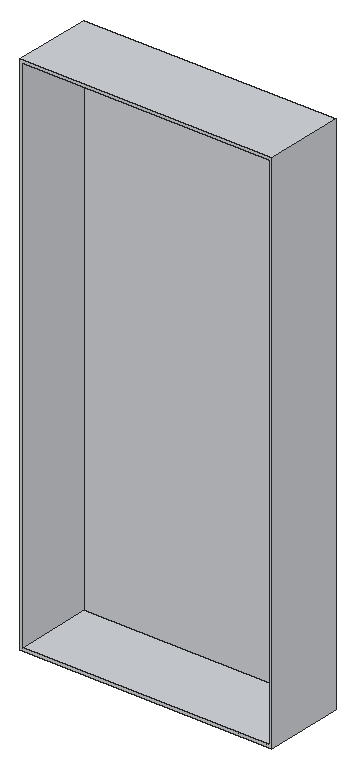
Revit family "Hager-Volta-IP30-Surface_mounted-vide-NoHosted-CH-fr", category Electrical Equipment, Revit 2020
Family settings
  Panel Configuration = Two Columns, Circuits Across
  Round Connector Dimension = Use Diameter
  Part Type = Panelboard
  Work Plane-Based = Yes
  Always vertical = Yes
  Cut with Voids When Loaded = No
  Shared = No
  Room Calculation Point = No
Parameters (values of type "Saillie IP30 L305 H640 P96.5 12 Modules - VA48MD")
  Width Control [instance] = if([HG000006 - Encastré], if([EF000846 - largeur d'encastrement] > min_whd, [EF000846 - largeur d'encastrement], min_whd), if([EF000008 - largeur] > min_whd, ([EF000008 - largeur]), min_whd))  # 305 mm
  Void Depth [instance] = if([EF000218 - profondeur d'encastrement] > 1 mm, [EF000218 - profondeur d'encastrement], 1 mm)  # 1 mm
  Type Comments = [HG000003 - Gamme]  # "Volta"
  System Height [instance] = Height Control - 2 * [HG000005 - Epaisseur]  # 634 mm
  Panel Name [instance] = ""  # (empty or 0)
  Offset [instance] = 0 mm
  Model = [HG000004 - Référence fabricant]  # "VA48MD"
  Level Offset [instance] = [Flush Mounted - Door Frame Width] + Offset  # 0 mm
  HG000017 - Distance entre pôles = 18 mm
  HG000016 - Visibilité de la porte 3D [instance] = yes
  HG000015 - Visibilité de l'emprise de la porte [instance] = no
  HG000014 - Porte à droite [instance] = yes
  HG000013 - Porte à gauche [instance] = not([HG000014 - Porte à droite])  # no
  HG000012 - Angle de pivotement de la porte [instance] = 45.00°
  HG000011 - Rangées du bas vides = no
  HG000010 - Portes asymétriques = no
  HG000009 - Porte à double battant = no
  HG000008 - Nombre de rangées vides = 0
  HG000007 - Nombre de colonnes vides = 0
  HG000006 - Encastré = no
  HG000005 - Epaisseur = 3 mm  # constant formula
  HG000004 - Référence fabricant = "VA48MD"
  HG000003 - Gamme = "Volta"
  HG000002 - avec porte = no
  HG000001 - nombre de colonnes = 0
  EF015941 - porte pour transmission du signal = no
  EF015777 - borne à conducteur neutre = no
  EF015776 - borne de mise à la terre = no
  EF009212 - finition du couvercle = "EV009916 - avec échancrure"
  EF006306 - avec serrure = no
  EF006244 - couvercle/porte transparent(e) = no
  EF005474 - indice de protection (IP) = "EV006410 - IP30"
  EF004462 - type de fermeture = ""
  EF002950 - largeur en nombre de modules = 12
  EF001596 - matériau du boîtier/corps = ""
  EF001134 - rail DIN = no
  EF001131 - profondeur intérieure = 0 mm
  EF001088 - possibilité de montage en saillie = yes
  EF001062 - finition CEM = no
  EF000846 - largeur d'encastrement = 0 mm
  EF000339 - type de capot = "EV000494 - sans"
  EF000332 - hauteur d'encastrement = 0 mm
  EF000266 - nombre de rangées = 0
  EF000218 - profondeur d'encastrement = 0 mm
  EF000118 - avec cadre/support de montage = yes
  EF000116 - numéro RAL = "9010"
  EF000049 - profondeur = 96 mm
  EF000040 - hauteur = 640 mm
  EF000008 - largeur = 305 mm
  EF000007 - couleur = ""
  EF000003 - mode de pose = "EV000384 - saillie"
  Description = ""
  Default Elevation = 1219.2 mm
  Arrow Offset [instance] = Depth Control / 8  # 12 mm
  Arrow Height [instance] = Depth Control - Arrow Offset  # 84 mm
  Host Offset [instance] = if([HG000006 - Encastré], 0 mm, [EF000049 - profondeur])  # 96 mm
  min_whd [instance] = (2 * [HG000005 - Epaisseur]) + 1 mm  # 7 mm
  Manufacturer = "Hager"  # constant formula
  Height Control [instance] = if([HG000006 - Encastré], if([EF000332 - hauteur d'encastrement] > min_whd, [EF000332 - hauteur d'encastrement], min_whd), if([EF000040 - hauteur] > min_whd, ([EF000040 - hauteur]), min_whd))  # 640 mm
  Flush Mounted - Door Frame Width [instance] = if(([EF000040 - hauteur] - [EF000332 - hauteur d'encastrement]) > 0 mm, if([HG000006 - Encastré], [EF000040 - hauteur] - [EF000332 - hauteur d'encastrement], 0 mm), 0 mm)  # 0 mm
  Depth Control [instance] = if([HG000006 - Encastré], if([EF000218 - profondeur d'encastrement] > 0 mm, [EF000218 - profondeur d'encastrement], 1 mm), if([EF000049 - profondeur] > 0 mm, ([EF000049 - profondeur]), 1 mm))  # 96 mm
Reference planes
  plane 1 "Center (Front/Back)": y = 0
  plane 2: z = 0
  plane 3 "Center (Left/Right)": x = 0
  plane 4: y = 3
  plane 5: y = 0
  plane 6: y = 0
  plane 7: z = 0
  plane 8: x = -152.5
  plane 9: x = 152.5
  plane 10: x = 149.5
  plane 11: x = -149.5
  plane 12: z = 0
  plane 13: z = 3
  plane 14: y = -91
  plane 15: y = -96
  plane 16: y = -3
  plane 17: z = 637
  plane 18: z = 640
  plane 19: z = 320
  plane 20: x = 0
  plane 21: y = -100
Forms (mm)
  Extrusion 1, solid
    sketch origin (-208.679, -4572, 0) x (-1, 0, 0) y (0, -1, 0)
      loop
        line (-56.179, -4476) -> (-361.179, -4476) -> (-361.179, -4572) -> (-56.179, -4572) -> (-56.179, -4476)
    from 0 to 640 <- "Height Control"
  Extrusion 2, void
    sketch origin (-350.771, -96, 1219.2) x (1, 0, 0) y (0, 0, 1)
      loop
        line (201.271, -582.2) -> (201.271, -1216.2) -> (500.271, -1216.2) -> (500.271, -582.2) -> (201.271, -582.2)
    from 0 to -93
  Extrusion 3, solid, detail levels coarse+medium
    sketch origin (-350.771, -96, 1219.2) x (-1, 0, 0) y (0, 0, 1)
      loop
        line (-201.271, -582.2) -> (-500.271, -582.2) -> (-500.271, -1216.2) -> (-201.271, -1216.2) -> (-201.271, -582.2)
    from 0 to 3 <- "HG000005 - Epaisseur"
Cuts and joins
  Extrusion 2 cuts Extrusion 1
Dimensions and locks
  "Flush Mounted - Door Frame Width": plane 1 "Center (Front/Back)" to plane 6
  "HG000005 - Epaisseur": plane 4 to plane 6
  "HG000005 - Epaisseur": plane 8 to plane 11
  "HG000005 - Epaisseur": plane 9 to plane 10
  equal spacing: plane 8, plane 3 "Center (Left/Right)", plane 9
  "Width Control": plane 8 to plane 9
  locked: plane 14 to plane 15 at 5
  "Host Offset": plane 1 "Center (Front/Back)" to plane 15
  "Depth Control": plane 5 to plane 15
  "HG000005 - Epaisseur": plane 5 to plane 16
  "HG000005 - Epaisseur": plane 13 to plane 12
  "Level Offset": plane 12 to level
  "HG000005 - Epaisseur": plane 18 to plane 17
  "Height Control": plane 18 to plane 12
  "Arrow Offset": plane 5 to nested 4
  equal spacing: plane 18, plane 19, plane 12
  locked: connector elem to plane 19
  locked: connector elem to plane 3 "Center (Left/Right)"
  aligned and locked: nested 1 to plane 14
  aligned and locked: plane 3 "Center (Left/Right)" to nested 1
  aligned and locked: plane 3 "Center (Left/Right)" to nested 2
  aligned and locked: nested 2 to plane 15
  aligned and locked: plane 5 to Extrusion 1
  aligned and locked: Extrusion 3 sketch curve to plane 17
  aligned and locked: Extrusion 3 sketch curve to plane 11
  aligned and locked: plane 13 to Extrusion 3 sketch curve
  aligned and locked: Extrusion 3 sketch curve to plane 10
  aligned and locked: plane 13 to Extrusion 2 sketch curve
  aligned and locked: Extrusion 2 sketch curve to plane 10
  aligned and locked: Extrusion 2 sketch curve to plane 17
  aligned and locked: Extrusion 2 sketch curve to plane 11
  aligned and locked: plane 16 to Extrusion 2
  aligned and locked: plane 5 to Extrusion 1 sketch curve
  aligned and locked: plane 9 to Extrusion 1 sketch curve
  aligned and locked: plane 8 to Extrusion 1 sketch curve
  aligned and locked: plane 8 to nested 4
  aligned and locked: plane 8 to nested 3
  aligned and locked: nested 3 to plane 5
  aligned and locked: Extrusion 1 sketch curve to plane 15
  aligned and locked: Extrusion 2 to plane 15
Nested families
  nested 1: "Hager_Enclosure_System" at (0, -91, 3), Flush_Mounted <- "HG000006 - Encastré", Width <- "EF000008 - largeur", Height <- "System Height", Width_Control <- "Width Control", Row_Module_Multiplicator <- "EF002950 - largeur en nombre de modules", Empty_Columns <- "HG000007 - Nombre de colonnes vides", Built-in_Width <- "EF000846 - largeur d'encastrement", Border <- "HG000005 - Epaisseur", Total_No_Empty_Rows <- "HG000008 - Nombre de rangées vides", Depth <- "HG000005 - Epaisseur", Empty_Rows_From_Bottom <- "HG000011 - Rangées du bas vides", Distance_Between_Poles <- "HG000017 - Distance entre pôles", Rows_Count <- "EF000266 - nombre de rangées", Columns_Count <- "HG000001 - nombre de colonnes", type "Hager_Enclosure_System", detail levels medium+fine
    with Width_Control 305 mm, Width 305 mm, Total_No_Rows 0, Total_No_Empty_Rows 0, Total_No_Columns 1, System_Width 299 mm, Rows_Count 0, Rows_Column 0, Row_Module_Multiplicator 12, Panel_4 no, Panel_3 no, Panel_2 no, Panel_1 no, No_Panels_Ctrl 1, Hide_Columns yes, Height 634 mm, Flush_Mounted no, Empty_Rows_From_Bottom no, Empty_Rows_Column 0, Empty_Columns 0, Distance_Between_Poles 18 mm, Depth 3 mm, Columns_Count 0, Column_Width 299 mm, Built-in_Width 0 mm, Border 3 mm
  nested 2: "Hager_Enclosure_Door" at (0, -96, 0), Double <- "HG000009 - Porte à double battant", Height_Ctrl <- "Height Control", Transparent <- "EF006244 - couvercle/porte transparent(e)", Depth <- "EF000049 - profondeur", Height <- "EF000040 - hauteur", Angle <- "HG000012 - Angle de pivotement de la porte", Door_Right <- "HG000014 - Porte à droite", Assymetrical <- "HG000010 - Portes asymétriques", Flush_Mounted <- "HG000006 - Encastré", BuiltIn_Depth <- "EF000218 - profondeur d'encastrement", BuiltIn_Width <- "EF000846 - largeur d'encastrement", Door <- "HG000002 - avec porte", Width_Ctrl <- "Width Control", 3d_Door <- "HG000016 - Visibilité de la porte 3D", Width <- "EF000008 - largeur", Border <- "HG000005 - Epaisseur", BuiltIn_Height <- "EF000332 - hauteur d'encastrement", Clearance <- "HG000015 - Visibilité de l'emprise de la porte", Door_Left <- "HG000013 - Porte à gauche", type "Hager_Enclosure_Door", detail levels medium+fine
    with min_wh 7 mm, Width_Ctrl 305 mm, Width 305 mm, Transparent_Door_No_Bottom_Border no, Transparent no, Leaf_Width 296 mm, Leaf_Tolerance 1.5 mm, Leaf_Height 631 mm, Leaf_2_Width 296 mm, Leaf_2_Offset 148 mm, Leaf_1_Width 296 mm, Leaf_1_Offset 148 mm, Height_Ctrl 640 mm, Height 640 mm, Frame_Width_Ctrl 305 mm, Frame_Width 305 mm, Frame_Internal_Offset 0 mm, Frame_Height_Ctrl 640 mm, Frame_Height 640 mm, Frame_Depth_Ctrl 1 mm, Frame_Depth 0 mm, Flush_Mounted no, Double_Clearance_Ctrl no, Double no, Door_Right_Ctrl no, Door_Right yes, Door_Left_Ctrl no, Door_Left no, Door no, Depth 96 mm, Clearance_Depth 296 mm, Clearance_Ctrl no, Clearance no, BuiltIn_Width 0 mm, BuiltIn_Height 0 mm, BuiltIn_Depth 0 mm, Border 3 mm, Assymetrical no, Angle 45.00°, 3d_Door yes
  nested 3: "Hager_Enclosure_Symbol_Triangle" at (-152.5, 0, 0), Depth <- "Depth Control", Width <- "Width Control", type "Hager_Enclosure_Symbol_Triangle"
    with Width_Ctrl 305 mm, Width 305 mm, Depth_Ctrl 96 mm, Depth 96 mm
  nested 4: "Hager_Enclosure_Symbol_Arrow" at (-152.5, -12, 0), Height <- "Arrow Height", type "Hager_Enclosure_Symbol_Arrow"
    with Width_Inside 6.3 mm, Width 75.6 mm, Height_Ctrl 84 mm, Height 84 mm
Connectors
  electrical at (0, 0, 320)
    settings: on plane 5, index 1, voltage 0 V, apparent load 0 VA, apparent load phase1 0 VA, apparent load phase2 0 VA, apparent load phase3 0 VA, power factor 1, load classification "Other", number of poles 1, system type 30, power factor state 1, is connector primary yes, connector utility no, sub classification motor no, connector description ""
Definition of nested family "Hager_Enclosure_Door"
  Parameters (values of type "Hager_Enclosure_Door")
    min_wh [instance] = (2 * Border) + 1 mm  # 11 mm
    Width_Ctrl [instance] = 400 mm
    Width [instance] = 500 mm
    Transparent_Door_No_Bottom_Border [instance] = no
    Transparent [instance] = yes
    Leaf_Width [instance] = if((Width_Ctrl - 2 * Border - 2 * Leaf_Tolerance) > 0 mm, (Width_Ctrl - 2 * Border - 2 * Leaf_Tolerance), min_wh)  # 387 mm
    Leaf_Tolerance [instance] = 1.5 mm  # constant formula
    Leaf_Height [instance] = if((Height_Ctrl - 2 * Border - 2 * Leaf_Tolerance) > 0 mm, (Height_Ctrl - 2 * Border - 2 * Leaf_Tolerance), min_wh)  # 387 mm
    Leaf_2_Width [instance] = if(and(and(Double, Assymetrical), Door_Left), (Leaf_Width / 3) - (Leaf_Tolerance / 2), if(and(and(Double, Assymetrical), Door_Right), (Leaf_Width / 3) * 2 - (Leaf_Tolerance / 2), if(and(Double, not(Assymetrical)), (Leaf_Width / 2) - Leaf_Tolerance, Leaf_Width)))  # 387 mm
    Leaf_2_Offset [instance] = if(and(Double, Assymetrical), Leaf_2_Width / 2, if(and(Double, not(Assymetrical)), Leaf_Width / 4, Leaf_Width / 2))  # 193.5 mm
    Leaf_1_Width [instance] = if(and(and(Double, Assymetrical), Door_Right), (Leaf_Width / 3) - (Leaf_Tolerance / 2), if(and(and(Double, Assymetrical), Door_Left), (Width / 3) * 2 - (Leaf_Tolerance / 2), if(and(Double, not(Assymetrical)), (Leaf_Width / 2) - Leaf_Tolerance, Leaf_Width)))  # 387 mm
    Leaf_1_Offset [instance] = if(and(Double, Assymetrical), Leaf_1_Width / 2, if(and(Double, not(Assymetrical)), Leaf_Width / 4, Leaf_Width / 2))  # 193.5 mm
    Height_Ctrl [instance] = 400 mm
    Height [instance] = 500 mm
    Frame_Width_Ctrl [instance] = if(Frame_Width > 0 mm, Frame_Width, 1 mm)  # 1 mm
    Frame_Width [instance] = Width - BuiltIn_Width  # 0 mm
    Frame_Internal_Offset [instance] = if(Flush_Mounted, Border, 0 mm)  # 5 mm
    Frame_Height_Ctrl [instance] = if(Frame_Height > 0 mm, Frame_Height, 1 mm)  # 1 mm
    Frame_Height [instance] = Height - BuiltIn_Height  # 0 mm
    Frame_Depth_Ctrl [instance] = if(Frame_Depth > 0 mm, Frame_Depth, 1 mm)  # 1 mm
    Frame_Depth [instance] = if(Depth - BuiltIn_Depth > 0 mm, if(Flush_Mounted, Depth - BuiltIn_Depth, 0 mm), 0 mm)  # 0 mm
    Flush_Mounted [instance] = yes
    Double_Clearance_Ctrl [instance] = and(Double, Clearance)  # no
    Double [instance] = no
    Door_Right_Ctrl [instance] = and(or(Door_Right, Double), Door)  # yes
    Door_Right [instance] = yes
    Door_Left_Ctrl [instance] = and(or(Door_Left, Double), Door)  # no
    Door_Left [instance] = no
    Door [instance] = yes
    Depth [instance] = 500 mm
    Default Elevation = 1219.2 mm
    Clearance_Material = none
    Clearance_Depth [instance] = if(Leaf_1_Width > Leaf_2_Width, Leaf_1_Width, Leaf_2_Width)  # 387 mm
    Clearance_Ctrl [instance] = and(not(Double), Clearance)  # yes
    Clearance [instance] = yes
    BuiltIn_Width [instance] = 500 mm
    BuiltIn_Height [instance] = 500 mm
    BuiltIn_Depth [instance] = 500 mm
    Border [instance] = 5 mm
    Assymetrical [instance] = yes
    Angle [instance] = 30.00°
    3d_Door [instance] = yes
  Reference planes
    plane 1 "Center (Front/Back)": y = 0
    plane 2 "Bottom": z = 0
    plane 3 "Center (Left/Right)": x = 0
    plane 4: z = 400
    plane 5: x = -200
    plane 6: x = 200
    plane 7: z = 395
    plane 8: x = -195
    plane 9: z = 5
    plane 10: x = 195
    plane 11: y = 0
    plane 12: z = 6.5
    plane 13: x = -582
    plane 14: y = -387
    plane 15: x = 582
    plane 16: x = 0
    plane 17: x = 0
    plane 18: x = -193.5
    plane 19: x = 193.5
    plane 20: z = 393.5
  Forms (mm)
    Extrusion 1, solid, visible <- "Flush_Mounted"
      sketch origin (0, 0, 0) x (1, 0, 0) y (0, 0, 1)
        loop
          line (195, 5) -> (195, 395) -> (-195, 395) -> (-195, 5) -> (195, 5)
        loop
          line (-201, 401) -> (-201, -1) -> (201, -1) -> (201, 401) -> (-201, 401)
      from 0 to 1 <- "Frame_Depth_Ctrl"
    Extrusion 2, solid, material <- "Clearance_Material", visible <- "Double_Clearance_Ctrl"
      sketch origin (1200, 0, 0) x (1, 0, 0) y (0, 0, -1)
        loop
          line (-1782, -393.5) -> (-618, -393.5) -> (-618, 0) -> (-1782, 0) -> (-1782, -393.5)
      from 0 to -387
  Dimensions and locks
    equal spacing: plane 5, plane 3 "Center (Left/Right)", plane 6
    "Width_Ctrl": plane 5 to plane 6
    "Border": plane 5 to plane 8
    "Border": plane 6 to plane 10
    "Border": plane 9 to level
    "Border": plane 4 to plane 7
    "Height_Ctrl": plane 4 to level
    "Leaf_Tolerance": plane 12 to plane 9
    "Frame_Depth": plane 11 to plane 1 "Center (Front/Back)"
    "Frame_Width_Ctrl": plane 5 to Extrusion 1 sketch curve
    "Frame_Width_Ctrl": plane 6 to Extrusion 1 sketch curve
    "Frame_Width_Ctrl": Extrusion 1 sketch curve to plane 4
    "Frame_Width_Ctrl": plane 2 "Bottom" to Extrusion 1 sketch curve
    "Leaf_1_Offset": plane 18 to plane 16
    "Leaf_2_Offset": plane 17 to plane 19
    "Leaf_1_Width": plane 13 to plane 8
    "Leaf_2_Width": plane 10 to plane 15
    "Clearance_Depth": plane 14 to plane 1 "Center (Front/Back)"
    "Leaf_Tolerance": plane 8 to plane 18
    "Leaf_Tolerance": plane 19 to plane 10
    "Leaf_Tolerance": plane 7 to plane 20
    "Frame_Internal_Offset": plane 5 to Extrusion 1 sketch curve
    "Frame_Internal_Offset": Extrusion 1 sketch curve to plane 2 "Bottom"
    "Frame_Internal_Offset": plane 6 to Extrusion 1 sketch curve
    "Frame_Internal_Offset": plane 4 to Extrusion 1 sketch curve
    aligned and locked: level to plane 2 "Bottom"
    aligned and locked: nested 1 to plane 16
    aligned and locked: nested 2 to plane 17
    aligned and locked: Extrusion 2 to plane 13
    aligned and locked: plane 15 to Extrusion 2
    aligned and locked: Extrusion 2 to plane 14
    aligned and locked: plane 12 to nested 1
    aligned and locked: nested 2 to plane 12
    aligned and locked: Extrusion 2 to plane 11
    aligned and locked: plane 20 to Extrusion 2
    aligned and locked: nested 2 to plane 11
    aligned and locked: nested 1 to plane 11
  Automatic sketch dimensions
    Extrusion 2 sketch curve to level = 0 mm
    plane 5 to Extrusion 2 sketch curve = 382 mm
    plane 6 to Extrusion 2 sketch curve = 382 mm
    Extrusion 2 sketch curve to plane 4 = 6.5 mm
  Nested families
    nested 1: "Hager_Enclosure_Door_Leaf" at (0, 0, 6.5), Width <- "Leaf_1_Width", visible <- "Door_Left_Ctrl", Leaf_Height <- "Leaf_Height", Angle <- "Angle", Depth <- "Border", 3d_Door <- "3d_Door", Transparent <- "Transparent", Clearance Material <- "Clearance_Material", Clearance <- "Clearance_Ctrl", Transparent_Door_No_Bottom_Border <- "Transparent_Door_No_Bottom_Border", type "Hager_Enclosure_Door_Leaf"
      with Width 387 mm, Transparent_Door_No_Bottom_Border no, Transparent_Door_Border_Bottom_Top 25 mm, Transparent_Door_Border 25 mm, Transparent_Ctrl yes, Transparent yes, Standard no, Leaf_Height 387 mm, Glass_Offset 1 mm, Depth 5 mm, Clearance Material none, Clearance yes, Angle_Ctrl 30.00°, Angle 30.00°, 3d_Door yes
    nested 2: "Hager_Enclosure_Door_Leaf" at (0, 0, 6.5) x (-1, 0, 0) z (0, 0, 1), Width <- "Leaf_2_Width", visible <- "Door_Right_Ctrl", Leaf_Height <- "Leaf_Height", Angle <- "Angle", Depth <- "Border", 3d_Door <- "3d_Door", Transparent <- "Transparent", Clearance Material <- "Clearance_Material", Clearance <- "Clearance_Ctrl", Transparent_Door_No_Bottom_Border <- "Transparent_Door_No_Bottom_Border", type "Hager_Enclosure_Door_Leaf"
      with Width 387 mm, Transparent_Door_No_Bottom_Border no, Transparent_Door_Border_Bottom_Top 25 mm, Transparent_Door_Border 25 mm, Transparent_Ctrl yes, Transparent yes, Standard no, Leaf_Height 387 mm, Glass_Offset 1 mm, Depth 5 mm, Clearance Material none, Clearance yes, Angle_Ctrl 30.00°, Angle 30.00°, 3d_Door yes
  Definition of nested family "Hager_Enclosure_Door_Leaf"
    Parameters (values of type "Hager_Enclosure_Door_Leaf")
      Width [instance] = 2000 mm
      Transparent_Door_No_Bottom_Border [instance] = yes
      Transparent_Door_Border_Bottom_Top [instance] = if(Transparent_Door_No_Bottom_Border, 0.1 mm, Transparent_Door_Border)  # 0.1 mm
      Transparent_Door_Border [instance] = if(Transparent_Door_No_Bottom_Border, (Width * 0.12), 25 mm)  # 240 mm
      Transparent_Ctrl [instance] = and(Transparent, [3d_Door])  # yes
      Transparent [instance] = yes
      Standard [instance] = and(not(Transparent), [3d_Door])  # no
      Leaf_Height [instance] = 2720.336 mm
      Glass_Offset [instance] = if((Depth - 10 mm) / 2 > 0 mm, (Depth - 10 mm) / 2, 1 mm)  # 15 mm
      Glass_Material = none
      Depth [instance] = 40 mm
      Default Elevation = 0 mm
      Clearance Material [instance] = none
      Clearance [instance] = yes
      Angle_Ctrl [instance] = if(Angle > 170.00°, 170.00°, Angle)  # 45.00°
      Angle [instance] = 45.00°
      3d_Door [instance] = yes
    Reference planes
      plane 1 "Center (Front/Back)": y = 0
      plane 2: z = 0
      plane 3 "Center (Left/Right)": x = 0
      plane 4: y = 2000
      plane 5: x = -1000
      plane 6: x = 1000
      plane 7: x = -3000
      plane 8: z = 2720.336
      plane 9: z = 0.1
      plane 10: z = 2720.236
      plane 11: x = 760
      plane 12: x = -760
    Forms (mm)
      Extrusion 1, solid, material <- "Clearance Material", visible <- "Clearance"
        sketch origin (0, 0, 0) x (1, 0, 0) y (0, 0, 1)
          loop
            line (-3000, 2720.336) -> (-3000, 0) -> (1000, 0) -> (1000, 2720.336) -> (-3000, 2720.336)
        from 0 to -2000
      Extrusion 2, solid, visible <- "Standard", detail levels medium+fine
        sketch origin (-1000, 0, 0) x (0.707107, 0.707107, 0) y (-0.707107, 0.707107, 0)
          loop
            line (0, -40) -> (2000, -40) -> (2000, 0) -> (0, 0) -> (0, -40)
        from 0 to 2720.336 <- "Leaf_Height"
      Extrusion 3, solid, visible <- "Transparent_Ctrl", detail levels medium+fine
        sketch origin (-1000, 0, 0) x (0.707107, 0.707107, 0) y (-0.707107, 0.707107, 0)
          loop
            line (0, -40) -> (2000, -40) -> (2000, 0) -> (0, 0) -> (0, -40)
        from 0 to 2720.336 <- "Leaf_Height"
      Extrusion 4, void, detail levels medium+fine
        sketch origin (-1000, 0, 0) x (-0.707107, 0.707107, 0) y (0.707107, 0.707107, 0)
          loop
            line (0, 240) -> (0, 1760) -> (-40, 1760) -> (-40, 240) -> (0, 240)
        from -2720.236 to -0.1
      Extrusion 5, solid, material <- "Glass_Material", visible <- "Transparent_Ctrl", detail levels medium+fine
        sketch origin (-1000, 0, 0) x (0.707107, 0.707107, 0) y (-0.707107, 0.707107, 0)
          loop
            line (240, -15) -> (240, -25) -> (1760, -25) -> (1760, -15) -> (240, -15)
        from 0.1 to 2720.236
    Cuts and joins
      Extrusion 4 cuts Extrusion 3
    Lines and regions (mm)
      symbolic lines
        curve 1: line (1000, 0, 0) -> (-3000, 0, 0)
        curve 2: arc (1000, 0, 0) -> (-1000, 2000, 0) -> (-3000, 0, 0) r 2000
        curve 4: line (-1000, 0, 0) -> (414.214, 1414.214, 0)
      reference lines
        curve 3: line (-1000, 0, 0) -> (414.214, 1414.214, 0)
      symbolic lines, detail levels medium+fine
        curve 5: line (414.214, 1414.214, 0) -> (442.498, 1385.929, 0)
        curve 6: line (442.498, 1385.929, 0) -> (-971.716, -28.284, 0)
        curve 7: line (-971.716, -28.284, 0) -> (-1000, 0, 0)
        curve 8: line (-1000, 0, 2720.336) -> (1000, 0, 2720.336)
        curve 9: line (-1000, 0, 0) -> (-1000, 0, 2720.336)
        curve 10: line (1000, 0, 0) -> (-1000, 0, 0)
        curve 11: line (1000, 0, 2720.336) -> (1000, 0, 0)
      symbolic lines, visible <- "Transparent_Ctrl", detail levels medium+fine
        curve 12: line (-760, 0, 2720.236) -> (760, 0, 2720.236)
        curve 13: line (-760, 0, 0.1) -> (-760, 0, 2720.236)
        curve 14: line (760, 0, 0.1) -> (-760, 0, 0.1)
        curve 15: line (760, 0, 2720.236) -> (760, 0, 0.1)
    Dimensions and locks
      "Width": plane 1 "Center (Front/Back)" to plane 4
      equal spacing: plane 5, plane 3 "Center (Left/Right)", plane 6
      "Width": plane 5 to plane 6
      "Width": plane 7 to plane 5
      "Leaf_Height": plane 8 to level
      "Depth": curve 6 to curve 3
      "Width": curve 5 to curve 3
      "Width": curve 3 to curve 3
      "Transparent_Door_Border": Extrusion 4 sketch curve to curve 7
      "Transparent_Door_Border": Extrusion 4 sketch curve to curve 5
      "Transparent_Door_Border_Bottom_Top": plane 8 to plane 10
      "Transparent_Door_Border_Bottom_Top": plane 9 to level
      "Glass_Offset": Extrusion 5 sketch curve to curve 4
      "Glass_Offset": Extrusion 5 sketch curve to curve 6
      "Transparent_Door_Border": Extrusion 5 sketch curve to curve 5
      "Transparent_Door_Border": Extrusion 5 sketch curve to curve 7
      "Transparent_Door_Border": plane 12 to plane 5
      "Transparent_Door_Border": plane 6 to plane 11
      "Angle_Ctrl": angle plane 1 "Center (Front/Back)" to curve 3
      aligned and locked: level to plane 2
      aligned and locked: Extrusion 1 to curve 1
      aligned and locked: plane 6 to Extrusion 1
      aligned and locked: Extrusion 1 to plane 1 "Center (Front/Back)"
      aligned and locked: plane 4 to Extrusion 1
      aligned and locked: plane 8 to Extrusion 1
      aligned and locked: curve 4 to curve 3
      aligned and locked: Extrusion 2 sketch curve to curve 7
      aligned and locked: Extrusion 2 sketch curve to curve 6
      aligned and locked: Extrusion 2 sketch curve to curve 5
      aligned and locked: Extrusion 2 sketch curve to curve 3
      aligned and locked: curve 7 to Extrusion 3 sketch curve
      aligned and locked: Extrusion 3 sketch curve to curve 4
      aligned and locked: Extrusion 3 sketch curve to curve 6
      aligned and locked: Extrusion 3 sketch curve to curve 5
      aligned and locked: curve 4 to Extrusion 4 sketch curve
      aligned and locked: curve 6 to Extrusion 4 sketch curve
      aligned and locked: Extrusion 4 to plane 9
      aligned and locked: Extrusion 4 to plane 10
      aligned and locked: Extrusion 5 to plane 9
      aligned and locked: Extrusion 5 to plane 10
      aligned and locked: curve 8 to plane 8
      aligned and locked: plane 5 to curve 9
      aligned and locked: plane 2 to curve 10
      aligned and locked: curve 11 to plane 6
      aligned and locked: plane 10 to curve 12
      aligned and locked: plane 12 to curve 13
      aligned and locked: curve 14 to plane 9
      aligned and locked: plane 11 to curve 15
    Automatic sketch dimensions
      plane 1 "Center (Front/Back)" to curve 2 = 0 mm
      curve 2 to plane 5 = 0 mm
      Extrusion 1 sketch curve to level = 0 mm
      Extrusion 1 sketch curve to plane 7 = 0 mm
      Extrusion 1 sketch curve to plane 6 = 0 mm
      Extrusion 1 sketch curve to plane 8 = 0 mm
      plane 1 "Center (Front/Back)" to curve 3 = 0 mm
      curve 3 to plane 5 = 0 mm
      curve 7 to curve 3 = 0 mm
Definition of nested family "Hager_Enclosure_Symbol_Triangle"
  Parameters (values of type "Hager_Enclosure_Symbol_Triangle")
    Width_Ctrl [instance] = if(Width > 1 mm, Width, 1 mm)  # 498 mm
    Width [instance] = 498 mm
    Depth_Ctrl [instance] = if(Depth > 1 mm, Depth, 1 mm)  # 72 mm
    Depth [instance] = 72 mm
  Reference planes
    plane 1 "Centre (avant/arrière)": y = 0
    plane 2: z = 0
    plane 3 "Centre (gauche/droite)": x = 0
  Lines and regions (mm)
    Filled region 1, type "Solid_Black", in view "Niveau de réf."
      outline origin (0, 0, 0) x (1, 0, 0) y (0, 1, 0)
        loop
          line (0, 0) -> (498, 0) -> (498, 72) -> (0, 0)
    reference lines, in view "Niveau de réf."
      curve 1: line (-206.153, 72, 0) -> (1083.258, 72, 0)
      curve 2: line (498, 405.456, 0) -> (498, -517.619, 0)
  Dimensions and locks
    "Depth_Ctrl": plane 1 "Centre (avant/arrière)" to curve 1
    "Width_Ctrl": plane 3 "Centre (gauche/droite)" to curve 2
    aligned and locked: curve 1 to Filled region 1 sketch curve
    aligned and locked: Filled region 1 sketch curve to plane 1 "Centre (avant/arrière)"
    aligned and locked: curve 2 to Filled region 1 sketch curve
    aligned and locked: plane 3 "Centre (gauche/droite)" to Filled region 1 sketch curve
    aligned and locked: plane 1 "Centre (avant/arrière)" to Filled region 1 sketch curve
  Automatic sketch dimensions
    curve 1 to plane 3 "Centre (gauche/droite)" = 206.153 mm
    curve 2 to curve 1 = 585.258 mm
    plane 1 "Centre (avant/arrière)" to curve 2 = 517.619 mm
    curve 2 to plane 1 "Centre (avant/arrière)" = 405.456 mm
Definition of nested family "Hager_Enclosure_Symbol_Arrow"
  Parameters (values of type "Hager_Enclosure_Symbol_Arrow")
    Width_Inside [instance] = if(Width / 12 > 2 mm, Width / 12, 2 mm)  # 4.987 mm
    Width [instance] = if(Height_Ctrl * 0.9 > 2 mm, Height_Ctrl * 0.9, 2 mm)  # 59.85 mm
    Height_Ctrl [instance] = if(Height > 2 mm, Height, 2 mm)  # 66.5 mm
    Height [instance] = 66.5 mm
  Reference planes
    plane 1 "Centre (avant/arrière)": y = 0
    plane 2: z = 0
    plane 3 "Centre (gauche/droite)": x = 0
    plane 4: x = 59.85
    plane 5: y = 28.263
    plane 6: y = 38.238
    plane 7: y = 66.5
    plane 8: x = 29.925
    plane 9: y = 33.25
  Lines and regions (mm)
    Filled region 1, type "Solid_Black", in view "Niveau de réf."
      outline origin (0, 0, 0) x (1, 0, 0) y (0, 1, 0)
        loop
          line (59.85, 66.5) -> (37.929, 52.827) -> (51.846, 41.935) -> (59.85, 66.5)
    detail lines, in view "Niveau de réf."
      curve 1: line (0, 0, 0) -> (29.925, 38.238, 0)
      curve 2: line (29.925, 38.238, 0) -> (29.925, 28.263, 0)
      curve 3: line (29.925, 28.263, 0) -> (59.85, 66.5, 0)
  Dimensions and locks
    "Width": plane 3 "Centre (gauche/droite)" to plane 4
    "Height_Ctrl": plane 7 to plane 1 "Centre (avant/arrière)"
    equal spacing: plane 3 "Centre (gauche/droite)", plane 8, plane 4
    equal spacing: plane 7, plane 9, plane 1 "Centre (avant/arrière)"
    equal spacing: plane 6, plane 9, plane 5
    "Width_Inside": plane 6 to plane 9
    equal spacing: curve 3, Filled region 1 sketch curve, Filled region 1 sketch curve
    angle Filled region 1 sketch curve to curve 3 = 20.00°
    angle curve 3 to Filled region 1 sketch curve = 20.00°
    locked: curve 3 to Filled region 1 sketch curve (angle 90.00°)
  Automatic sketch dimensions
    plane 1 "Centre (avant/arrière)" to curve 1 = 0 mm
    curve 1 to plane 3 "Centre (gauche/droite)" = 0 mm
    curve 2 to plane 6 = 0 mm
    curve 3 to plane 8 = 0 mm
    curve 3 to plane 4 = 0 mm
    curve 2 to plane 5 = 0 mm
    curve 3 to plane 7 = 0 mm
    Filled region 1 sketch curve to plane 4 = 0 mm
    Filled region 1 sketch curve to plane 7 = 0 mm
